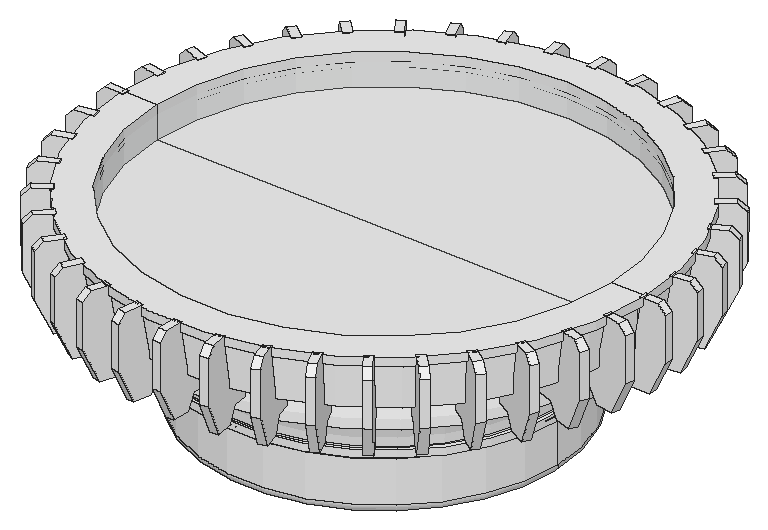
Revit family "HBLHA", category Lighting Fixtures, host Face, Revit 2021 (continued)
Definition of nested family "KHL"
  Automatic sketch dimensions
    Extrusion 36 sketch curve to Extrusion 36 sketch curve = 0.15753"
    Extrusion 37 sketch curve to Extrusion 37 sketch curve = 0.50721"
    Extrusion 37 sketch curve to Extrusion 37 sketch curve = 0.250"  (x3)
    Extrusion 37 sketch curve to Extrusion 37 sketch curve = 0.80078"
    Extrusion 37 sketch curve to Extrusion 37 sketch curve = 0.19714"
    Extrusion 37 sketch curve to Extrusion 37 sketch curve = 0.5625"
    Extrusion 37 sketch curve to Extrusion 37 sketch curve = 0.57179"
    Extrusion 37 sketch curve to Extrusion 37 sketch curve = 0.43301"
    Extrusion 37 sketch curve to Extrusion 37 sketch curve = 1.02515"
    Extrusion 37 sketch curve to Extrusion 37 sketch curve = 0.80901"
    Extrusion 37 sketch curve to Extrusion 37 sketch curve = 0.99442"
    Extrusion 37 sketch curve to Extrusion 37 sketch curve = 0.15753"
    Extrusion 38 sketch curve to Extrusion 38 sketch curve = 0.50721"
    Extrusion 38 sketch curve to Extrusion 38 sketch curve = 0.250"  (x3)
    Extrusion 38 sketch curve to Extrusion 38 sketch curve = 0.80078"
    Extrusion 38 sketch curve to Extrusion 38 sketch curve = 0.19714"
    Extrusion 38 sketch curve to Extrusion 38 sketch curve = 0.5625"
    Extrusion 38 sketch curve to Extrusion 38 sketch curve = 0.57179"
    Extrusion 38 sketch curve to Extrusion 38 sketch curve = 0.43301"
    Extrusion 38 sketch curve to Extrusion 38 sketch curve = 1.02515"
    Extrusion 38 sketch curve to Extrusion 38 sketch curve = 0.80901"
    Extrusion 38 sketch curve to Extrusion 38 sketch curve = 0.99442"
    Extrusion 38 sketch curve to Extrusion 38 sketch curve = 0.15753"
    Extrusion 39 sketch curve to Extrusion 39 sketch curve = 0.50721"
    Extrusion 39 sketch curve to Extrusion 39 sketch curve = 0.250"  (x3)
    Extrusion 39 sketch curve to Extrusion 39 sketch curve = 0.80078"
    Extrusion 39 sketch curve to Extrusion 39 sketch curve = 0.19714"
    Extrusion 39 sketch curve to Extrusion 39 sketch curve = 0.5625"
    Extrusion 39 sketch curve to Extrusion 39 sketch curve = 0.57179"
    Extrusion 39 sketch curve to Extrusion 39 sketch curve = 0.43301"
    Extrusion 39 sketch curve to Extrusion 39 sketch curve = 1.02515"
    Extrusion 39 sketch curve to Extrusion 39 sketch curve = 0.80901"
    Extrusion 39 sketch curve to Extrusion 39 sketch curve = 0.99442"
    Extrusion 39 sketch curve to Extrusion 39 sketch curve = 0.15753"
    Extrusion 40 sketch curve to Extrusion 40 sketch curve = 0.50721"
    Extrusion 40 sketch curve to Extrusion 40 sketch curve = 0.250"  (x3)
    Extrusion 40 sketch curve to Extrusion 40 sketch curve = 0.80078"
    Extrusion 40 sketch curve to Extrusion 40 sketch curve = 0.19714"
    Extrusion 40 sketch curve to Extrusion 40 sketch curve = 0.5625"
    Extrusion 40 sketch curve to Extrusion 40 sketch curve = 0.57179"
    Extrusion 40 sketch curve to Extrusion 40 sketch curve = 0.43301"
    Extrusion 40 sketch curve to Extrusion 40 sketch curve = 1.02515"
    Extrusion 40 sketch curve to Extrusion 40 sketch curve = 0.80901"
    Extrusion 40 sketch curve to Extrusion 40 sketch curve = 0.99442"
    Extrusion 40 sketch curve to Extrusion 40 sketch curve = 0.15753"
    Extrusion 41 sketch curve to Extrusion 41 sketch curve = 0.50721"
    Extrusion 41 sketch curve to Extrusion 41 sketch curve = 0.250"  (x3)
    Extrusion 41 sketch curve to Extrusion 41 sketch curve = 0.80078"
    Extrusion 41 sketch curve to Extrusion 41 sketch curve = 0.19714"
    Extrusion 41 sketch curve to Extrusion 41 sketch curve = 0.5625"
    Extrusion 41 sketch curve to Extrusion 41 sketch curve = 0.57179"
    Extrusion 41 sketch curve to Extrusion 41 sketch curve = 0.43301"
    Extrusion 41 sketch curve to Extrusion 41 sketch curve = 1.02515"
    Extrusion 41 sketch curve to Extrusion 41 sketch curve = 0.80901"
    Extrusion 41 sketch curve to Extrusion 41 sketch curve = 0.99442"
    Extrusion 41 sketch curve to Extrusion 41 sketch curve = 0.15753"
    Extrusion 42 sketch curve to Extrusion 42 sketch curve = 0.50721"
    Extrusion 42 sketch curve to Extrusion 42 sketch curve = 0.250"  (x3)
    Extrusion 42 sketch curve to Extrusion 42 sketch curve = 0.80078"
    Extrusion 42 sketch curve to Extrusion 42 sketch curve = 0.19714"
    Extrusion 42 sketch curve to Extrusion 42 sketch curve = 0.5625"
    Extrusion 42 sketch curve to Extrusion 42 sketch curve = 0.57179"
    Extrusion 42 sketch curve to Extrusion 42 sketch curve = 0.43301"
    Extrusion 42 sketch curve to Extrusion 42 sketch curve = 1.02515"
    Extrusion 42 sketch curve to Extrusion 42 sketch curve = 0.80901"
    Extrusion 42 sketch curve to Extrusion 42 sketch curve = 0.99442"
    Extrusion 42 sketch curve to Extrusion 42 sketch curve = 0.15753"
    Extrusion 43 sketch curve to Extrusion 43 sketch curve = 0.50721"
    Extrusion 43 sketch curve to Extrusion 43 sketch curve = 0.250"  (x3)
    Extrusion 43 sketch curve to Extrusion 43 sketch curve = 0.80078"
    Extrusion 43 sketch curve to Extrusion 43 sketch curve = 0.19714"
    Extrusion 43 sketch curve to Extrusion 43 sketch curve = 0.5625"
    Extrusion 43 sketch curve to Extrusion 43 sketch curve = 0.57179"
    Extrusion 43 sketch curve to Extrusion 43 sketch curve = 0.43301"
    Extrusion 43 sketch curve to Extrusion 43 sketch curve = 1.02515"
    Extrusion 43 sketch curve to Extrusion 43 sketch curve = 0.80901"
    Extrusion 43 sketch curve to Extrusion 43 sketch curve = 0.99442"
    Extrusion 43 sketch curve to Extrusion 43 sketch curve = 0.15753"
    Revolve 2 sketch curve to plane 3 "Center (Left/Right)" = 0.000"  (x2)
    Revolve 2 sketch curve to plane 8 = 0.1875"
    Revolve 2 sketch curve to plane 4 = 0.000"
    level to Revolve 2 sketch curve = 0.250"
    plane 8 to Revolve 2 sketch curve = 0.250"
    Revolve 2 sketch curve to Revolve 2 sketch curve = 0.18132"
    Revolve 2 sketch curve to plane 8 = 0.29677"
    Revolve 2 sketch curve to plane 8 = 0.32044"
    plane 6 to Revolve 2 sketch curve = 0.41781"
    plane 6 to Revolve 2 sketch curve = 0.2151"
    plane 6 to Revolve 2 sketch curve = 0.04698"
    plane 6 to Revolve 2 sketch curve = 0.01615"
    Revolve 2 sketch curve to plane 4 = 0.25493"
    Revolve 2 sketch curve to plane 6 = 0.78125"
    Revolve 2 sketch curve to Revolve 2 sketch curve = 0.250"
    Revolve 2 sketch curve to Revolve 2 sketch curve = 0.22746"
    Revolve 2 sketch curve to Revolve 2 sketch curve = 0.05014"
    Revolve 2 sketch curve to Revolve 2 sketch curve = 0.07308"
    Revolve 2 sketch curve to Revolve 2 sketch curve = 0.56496"
    Revolve 2 sketch curve to level = 4.500"
    plane 4 to Revolve 2 sketch curve = 2.500"
